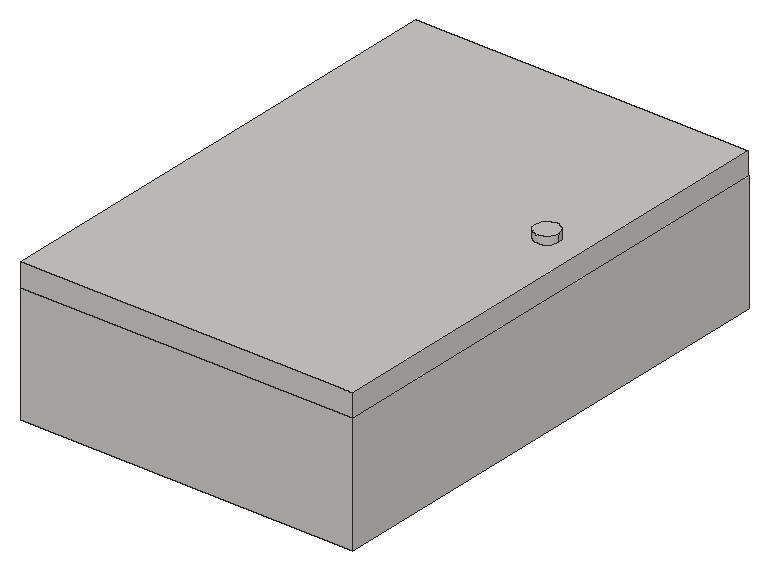
Revit family "NBS_DudleyIndustriesLimited_SntryTwlDspslBins_5.5LSanitaryWasteBin", category Furniture, host Face, Revit 2022
Family settings
  Host = Face
  Cut with Voids When Loaded = No
  Render Appearance Source = Family Geometry
  Shared = No
  Room Calculation Point = No
Parameters (values of type "5.5LSanitaryWasteBin")
  WarrantyStartDate [instance] = "1900-12-31T23:59:59"
  WarrantyGuarantorParts = "n/a"
  WarrantyGuarantorLabor = "n/a"
  WarrantyDurationUnit = "year"
  WarrantyDurationParts = "n/a"
  WarrantyDurationLabor = "n/a"
  WarrantyDescription = "Ten year"
  Version = "1"  # constant formula
  Uniclass2015Version = "Products v1.36"
  Uniclass2015Title = "Sanitary towel disposal bins"
  Uniclass2015Code = "Pr_40_50_07_76"
  TagNumber [instance] = "n/a"
  SustainabilityPerformance = "n/a"
  Size = "5.5 L"
  Shape = "Rectangle"
  SerialNumber [instance] = "n/a"
  ReplacementCost = "n/a"
  ProductInformation = "https://source.thenbs.com/product/-/647ade6a-8243-47c2-a3d6-7d58d25c0f93/c4d575da-6535-43e5-8f8f-1c51e34eb022"
  NominalWidth = 0 mm
  NominalLength = 0 mm
  NominalHeight = 0 mm
  Name = "SanitaryTowelDisposalBins_5.5LSanitaryWasteBin_DudleyIndustriesLimited"
  NBSVariantId = "00000000-0000-0000-0000-000000000000"
  NBSObjectId = "647ade6a-8243-47c2-a3d6-7d58d25c0f93"
  NBSInstanceId = "c4d575da-6535-43e5-8f8f-1c51e34eb022"
  ModelReference = "5.5L Sanitary Waste Bin"
  ModelNumber = "n/a"
  Material = "Stainless steel"
  ManufacturerURL = "https://www.dudleyindustries.com/"
  ManufacturerName = "Dudley Industries Limited"  # constant formula
  Manufacturer = "sales@dudleyindustries.com"
  IntegralAccessories = "Integrated waste bag holder.Inner liner.Front panel lock"
  InstallationDate [instance] = "1900-12-31T23:59:59"
  IfcExportType = "USERDEFINED"
  IfcExportAs = "IfcFurnitureType"
  Height = 460 mm  # constant formula
  Grade = "n/a"
  Form = "Wall-mounted, swing flap"
  FinishAndColour = "Powder-coated, white,Powder-coated, black,Brushed stainless steel"
  Finish = "Powder-coated,Brushed"
  Features = "n/a"
  ExpectedLife = "n/a"
  DurationUnit = "year"
  Description = "Compact and sleek Stainless steel sanitary waste unit, incorporating a holder for waste bags with a convenient bin below."
  Default Elevation = 800 mm
  Constituents = "n/a"
  Color = "n/a"
  CodePerformance = "n/a"
  Category = "Pr_40_50_07_76:Sanitary towel disposal bins"
  BinMaterial = NBS_DudleyIndustriesLimited_StainlessSteel_Brushed
  BarCode [instance] = "n/a"
  BIMObjectName = "NBS_DudleyIndustriesLimited_SanitaryTowelDisposalBins_5.5LSanitaryWasteBin"
  Author = "NBS"  # constant formula
  AssetType = "Fixed"
  AssetIdentifier [instance] = "n/a"
  AccessibilityPerformance = "n/a"
Reference planes
  plane 1 "Top": y = 0
  plane 2 "Back": z = 0
  plane 3 "Center (Left/Right)": x = 0
  plane 4 "Left": x = -155
  plane 5 "Right": x = 155
  plane 6 "Bottom": y = -460
  plane 7 "Front": z = 131.5
Forms (mm)
  Extrusion 1, solid, material "NBS_DudleyIndustriesLimited_StainlessSteel_Brushed" <- "BinMaterial", detail levels coarse
    sketch origin (0, 0, 0) x (1, 0, 0) y (0, 1, 0)
      loop
        line (-155, 0) -> (-155, -460) -> (155, -460) -> (155, 0) -> (-155, 0)
    from 0 to 131.5
  Extrusion 2, solid, material "NBS_DudleyIndustriesLimited_StainlessSteel_Brushed" <- "BinMaterial", detail levels medium+fine
    sketch origin (0, 0, 0) x (1, 0, 0) y (0, 1, 0)
      loop
        line (-155, 0) -> (-155, -460) -> (155, -460) -> (155, 0) -> (-155, 0)
    from 0 to 110.5
  Extrusion 3, solid, material "NBS_DudleyIndustriesLimited_StainlessSteel_Brushed" <- "BinMaterial", detail levels medium+fine
    sketch origin (0, 1377.981, 131.5) x (0, 1, 0) y (-1, 0, 0)
      loop
        line (-1377.981, -155) -> (-1377.981, 155) -> (-1837.981, 155) -> (-1837.981, -155) -> (-1377.981, -155)
    from 0 to -21
  Extrusion 4, solid, material "NBS_DudleyIndustriesLimited_StainlessSteel_Brushed" <- "BinMaterial", detail levels fine
    sketch origin (0, 1377.981, 131.5) x (0, 1, 0) y (-1, 0, 0)
      loop
        circle (-1569.981, -121) r 11
    from 0 to 7
Lines and regions (mm)
  model lines, detail levels medium+fine
    curve 1: line (-125, -24, 131.5) -> (125, -24, 131.5)
    curve 2: line (-125, -146, 131.5) -> (-125, -24, 131.5)
    curve 3: line (125, -146, 131.5) -> (125, -24, 131.5)
    curve 4: line (125, -146, 131.5) -> (-125, -146, 131.5)
Dimensions and locks
  aligned and locked: plane 2 "Back" to host face
  aligned and locked: level to host face
  aligned and locked: Extrusion 1 sketch curve to plane 4 "Left"
  aligned and locked: plane 5 "Right" to Extrusion 1 sketch curve
  aligned and locked: Extrusion 1 sketch curve to plane 6 "Bottom"
  aligned and locked: Extrusion 1 sketch curve to plane 1 "Top"
  aligned and locked: plane 7 "Front" to Extrusion 1
  aligned and locked: Extrusion 2 sketch curve to plane 4 "Left"
  aligned and locked: plane 5 "Right" to Extrusion 2 sketch curve
  aligned and locked: Extrusion 2 sketch curve to plane 1 "Top"
  aligned and locked: Extrusion 2 sketch curve to plane 6 "Bottom"
  aligned and locked: Extrusion 3 sketch curve to plane 1 "Top"
  aligned and locked: Extrusion 3 sketch curve to plane 4 "Left"
  aligned and locked: plane 5 "Right" to Extrusion 3 sketch curve
  aligned and locked: Extrusion 3 sketch curve to plane 6 "Bottom"
